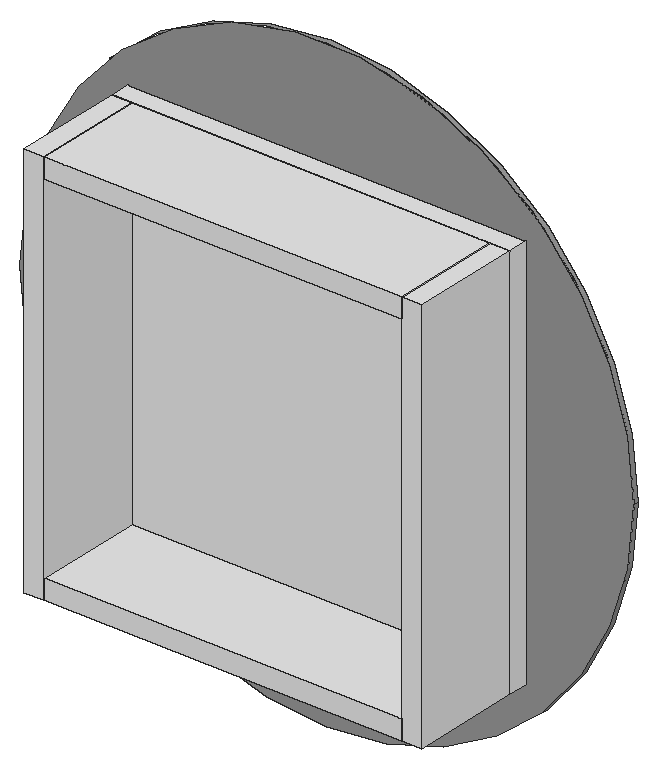
Revit family "Zara 500 Round Mirror Cabinet", category Casework, host Wall, Revit 2023
Family settings
  Host = Wall
  OmniClass Number = 23.40.35.00
  OmniClass Title = Casework
  Always vertical = Yes
  Cut with Voids When Loaded = No
  Shared = No
  Room Calculation Point = No
Parameters (values of type "Type 1")
  Mirror = Mirror
  Default Elevation = 0 mm
  Cabinet = Cabinet
Reference planes
  plane 1: y = 0
  plane 2 "Center (Left/Right)": x = 125
  plane 3 "Back": y = 75
  plane 4: z = 1200
Text (mm)
  text "Placement side" at (-1493.551, 674.496, 0), in view "Ref. Level"
  text "Placement side" at (0, 1232.041, 2958.779), in view "Left"
  text "Placement side" at (0, 270.471, 3035.99), in view "Right"
Dimensions and locks
  locked: plane 3 "Back" to host wall
  aligned and locked: plane 1 to host wall
  aligned and locked: nested 1 to plane 2 "Center (Left/Right)"
  aligned and locked: host wall to nested 1
  aligned and locked: plane 4 to nested 1
Nested families
  nested 1: "Zara 500 Round Mirror Cabinet(Family)" at (169.7, 75, 1112) x (-1, 0, 0) z (0, 0, 1), type "Zara 500 Round Mirror Cabinet(Family)"
Definition of nested family "Zara 500 Round Mirror Cabinet(Family)"
  Parameters (values of type "Zara 500 Round Mirror Cabinet(Family)")
    Mirror = none
    Depth = 110 mm
    Height = 500 mm
    Width = 500 mm
    Default Elevation = 0 mm
    Cabinet = none
  Reference planes
    plane 1 "Back": y = 0
    plane 2: z = 0
    plane 3 "Center (Left/Right)": x = 44.7
    plane 4 "Front": y = -110
    plane 5 "Left": x = -205.3
    plane 6 "Right": x = 294.7
    plane 7 "Top": z = 500
    plane 8 "2": x = -117.3
    plane 9 "3": x = 206.7
    plane 10 "4": z = 412
    plane 11: z = 88
    plane 12 "5": y = -106
    plane 13 "6": y = -90
  Forms (mm)
    Extrusion 1, solid, material <- "Cabinet"
      sketch origin (0, 0, 0) x (1, 0, 0) y (0, 1, 0)
        loop
          line (-117.3, -90) -> (-101.3, -90) -> (-101.3, 0) -> (-117.3, 0) -> (-117.3, -90)
        loop
          line (190.7, -90) -> (206.7, -90) -> (206.7, 0) -> (190.7, 0) -> (190.7, -90)
      from 88 to 412
    Extrusion 2, solid, material <- "Cabinet"
      sketch origin (44.7, 0, 0) x (0, 1, 0) y (0, 0, 1)
        loop
          line (0, 412) -> (-90, 412) -> (-90, 396) -> (0, 396) -> (0, 412)
        loop
          line (0, 104) -> (-90, 104) -> (-90, 88) -> (0, 88) -> (0, 104)
      from -146 to 146
    Extrusion 3, solid, material <- "Cabinet"
      sketch origin (0, -110, 0) x (1, 0, 0) y (0, 0, 1)
        loop
          line (-117.3, 412) -> (-117.3, 88) -> (206.7, 88) -> (206.7, 412) -> (-117.3, 412)
      from -20 to -4
    Extrusion 4, solid, material <- "Mirror"
      sketch origin (0, -110, 0) x (1, 0, 0) y (0, 0, 1)
        loop
          circle (44.7, 250) r 250
      from -4 to 0
  Dimensions and locks
    "Width": plane 6 "Right" to plane 5 "Left"
    equal spacing: plane 6 "Right", plane 3 "Center (Left/Right)", plane 5 "Left"
    "Depth": plane 4 "Front" to plane 1 "Back"
    "Height": level to plane 7 "Top"
    aligned and locked: level to plane 2
    aligned and locked: plane 13 "6" to Extrusion 1 sketch curve
    aligned and locked: Extrusion 1 sketch curve to plane 8 "2"
    aligned and locked: Extrusion 1 sketch curve to plane 1 "Back"
    aligned and locked: Extrusion 1 to plane 10 "4"
    aligned and locked: Extrusion 1 to plane 11
    aligned and locked: Extrusion 2 sketch curve to Extrusion 1
    aligned and locked: Extrusion 1 to Extrusion 2 sketch curve
    aligned and locked: plane 13 "6" to Extrusion 2 sketch curve
    aligned and locked: Extrusion 2 to Extrusion 1  (x2)
    aligned and locked: Extrusion 3 sketch curve to Extrusion 1  (x4)
    aligned and locked: Extrusion 3 to plane 13 "6"
    aligned and locked: plane 12 "5" to Extrusion 3
    aligned and locked: Extrusion 4 to plane 12 "5"
    aligned and locked: plane 4 "Front" to Extrusion 4
  Automatic sketch dimensions
    plane 13 "6" to Extrusion 1 sketch curve = 0 mm
    plane 1 "Back" to Extrusion 1 sketch curve = 0 mm
    Extrusion 1 sketch curve to plane 9 "3" = 0 mm
    Extrusion 1 sketch curve to Extrusion 1 sketch curve = 16 mm
    Extrusion 1 sketch curve to plane 9 "3" = 16 mm
    Extrusion 2 sketch curve to plane 11 = 0 mm
    Extrusion 2 sketch curve to plane 13 "6" = 0 mm
    Extrusion 2 sketch curve to plane 1 "Back" = 0 mm
    plane 11 to Extrusion 2 sketch curve = 16 mm
    Extrusion 2 sketch curve to Extrusion 2 sketch curve = 16 mm
    plane 8 "2" to Extrusion 4 sketch curve = 162 mm
    plane 10 "4" to Extrusion 4 sketch curve = 162 mm
    radius of Extrusion 4 sketch curve = 250 mm
